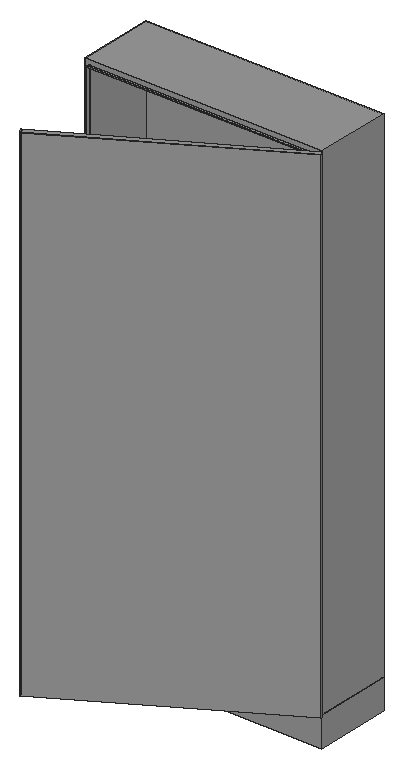
Revit family "Hager-Univers-IP55-D275-H1800-Cl.I-Steel_encl-NoHosted-CH-fr", category Electrical Equipment, Revit 2020
Family settings
  Panel Configuration = Two Columns, Circuits Across
  Round Connector Dimension = Use Diameter
  Part Type = Panelboard
  Work Plane-Based = Yes
  Always vertical = Yes
  Cut with Voids When Loaded = No
  Shared = No
  Room Calculation Point = No
Parameters (values of type "installation au sol IP55 L800 H1800 P275  - FR13E1")
  Width Control [instance] = if([EF000008 - largeur] > Min Width, [EF000008 - largeur], Min Width)  # 800 mm
  Type Comments = [HG000003 - Gamme]  # "Univers"
  Thickness Door [instance] = if([EF009171 - épaisseur de matériau de la porte/du couvercle] > 3 mm, 3 mm, [EF009171 - épaisseur de matériau de la porte/du couvercle])  # 1.5 mm
  Seal Frame Offset [instance] = 17 mm  # constant formula
  Plinth Visibility [instance] = [HG000027 - Hauteur du socle] > 0 mm  # yes
  Min Width [instance] = 100 mm  # constant formula
  Min Depth [instance] = (2 * [EF009170 - épaisseur de matériau du boîtier]) + 1 mm  # 4 mm
  Min Height [instance] = 100 mm  # constant formula
  Internal Frame Depth [instance] = (Door System Depth * 0.5)  # 9 mm
  Panel Name [instance] = ""  # (empty or 0)
  Model = ""
  HG000027 - Hauteur du socle = 100 mm
  HG000026 - Installation au sol = yes
  HG000024 - Hauteur de la section basse = 600 mm
  HG000023 - Armoire double section = no
  HG000016 - Visibilité de la porte 3D [instance] = yes
  HG000015 - Visibilité de l'emprise de la porte [instance] = no
  HG000014 - Porte à droite [instance] = yes
  HG000013 - Porte à gauche [instance] = not([HG000014 - Porte à droite])  # no
  HG000012 - Angle de pivotement de la porte [instance] = 30.00°
  HG000010 - Portes asymétriques = no
  HG000009 - Porte à double battant = no
  HG000006 - Encastré = no
  HG000004 - Référence fabricant = "FR13E1"
  HG000003 - Gamme = "Univers"
  HG000002 - avec porte = yes
  Frame Offset Bottom [instance] = 10 mm  # constant formula
  Frame Offset [instance] = 15 mm  # constant formula
  EF015940 - couvercle avec décharge de pression = no
  EF011959 - degré de protection (NEMA) = ""
  EF009554 - nombre d'ouvertures pour plaques à bride = 6
  EF009212 - finition du couvercle = "EV000116 - fermé"
  EF009171 - épaisseur de matériau de la porte/du couvercle = 1.5 mm
  EF009170 - épaisseur de matériau du boîtier = 1.5 mm
  EF008873 - courant nominal (In) = 800 A
  EF007800 - adapté à un parafoudre = no
  EF006306 - avec serrure = no
  EF006244 - couvercle/porte transparent(e) = no
  EF005474 - indice de protection (IP) = "EV006420 - IP55"
  EF004464 - type de porte = "EV002646 - unique"
  EF004427 - nombre de modules = 396
  EF004293 - indice de protection contre les chocs (IK) = "EV008784 - IK10"
  EF003532 - convient pour utilisation à l’extérieur = no
  EF002950 - largeur en nombre de modules = 24
  EF001613 - maintien de fonction = "EV000494 - sans"
  EF001596 - matériau du boîtier/corps = "EV000179 - acier"
  EF001131 - profondeur intérieure = 275 mm
  EF001088 - possibilité de montage en saillie = yes
  EF000437 - nombre d'entrées de conduit = 6
  EF000339 - type de capot = "EV004216 - porte"
  EF000266 - nombre de rangées = 11
  EF000218 - profondeur d'encastrement = 0 mm
  EF000118 - avec cadre/support de montage = no
  EF000116 - numéro RAL = "7035"
  EF000049 - profondeur = 275 mm
  EF000040 - hauteur = 1800 mm
  EF000008 - largeur = 800 mm
  EF000007 - couleur = "EV000270 - gris"
  EF000003 - mode de pose = "EV012274 - installation au sol"
  Door System Leaf Tolerance [instance] = 1.5 mm  # constant formula
  Door System Depth [instance] = 18 mm  # constant formula
  Door Height [instance] = Height Control - [HG000027 - Hauteur du socle]  # 1700 mm
  Description = ""
  Default Elevation = 1219.2 mm
  Connector Offset [instance] = Height Control / 2  # 900 mm
  Manufacturer = "Hager"  # constant formula
  Height Control [instance] = if([EF000040 - hauteur] > Min Height, [EF000040 - hauteur], Min Height)  # 1800 mm
  Depth Control [instance] = if([EF000049 - profondeur] > Min Depth, [EF000049 - profondeur], Min Depth)  # 275 mm
  Bottom Top Plate Trim [instance] = 1.5 mm  # constant formula
  Plinth height Ctrl [instance] = if([HG000027 - Hauteur du socle] > 0 mm, [HG000027 - Hauteur du socle], 12 mm)  # 100 mm
Types (5, lengths in mm): name | Width Control | HG000010 - Portes asymétriques | HG000009 - Porte à double battant | HG000004 - Référence fabricant | EF009554 - nombre d'ouvertures pour plaques à bride | EF004464 - type de porte | EF004427 - nombre de modules | EF000437 - nombre d'entrées de conduit | EF000008 - largeur
  installation au sol IP55 L1050 H1800 P275  - FR14E1 | 1050 | yes | yes | "FR14E1" | 8 | "EV003602 - double" | 528 | 8 | 1050
  installation au sol IP55 L1300 H1800 P275  - FR15E1 | 1300 | yes | yes | "FR15E1" | 10 | "EV003602 - double" | 660 | 10 | 1300
  installation au sol IP55 L300 H1800 P275  - FR11E1 | 300 | no | no | "FR11E1" | 2 | "EV002646 - unique" | 132 | 2 | 300
  installation au sol IP55 L550 H1800 P275  - FR12E1 | 550 | no | no | "FR12E1" | 4 | "EV002646 - unique" | 264 | 4 | 550
  installation au sol IP55 L800 H1800 P275  - FR13E1 | 800 | no | no | "FR13E1" | 6 | "EV002646 - unique" | 396 | 6 | 800
Reference planes
  plane 1 "Center (Front/Back)": y = 0
  plane 2: z = 0
  plane 3 "Center (Left/Right)": x = 0
  plane 4: y = 0
  plane 5: y = 0
  plane 6: z = 0
  plane 7: x = -400
  plane 8: x = 400
  plane 9: x = 398.5
  plane 10: x = -398.5
  plane 11: z = 100
  plane 12: z = 101.5
  plane 13: y = -275
  plane 14: y = -1.5
  plane 15: x = 0
  plane 16: y = -257
  plane 17: y = -273.5
  plane 18: y = -255.5
  plane 19: x = -383.5
  plane 20: x = 383.5
  plane 21: z = 111.5
  plane 22: x = -383
  plane 23: x = 383
  plane 24: z = 100
  plane 25: z = 1800
  plane 26: z = 1800
  plane 27: z = 1783.5
  plane 28: z = 1798.5
Forms (mm)
  Extrusion 1, solid, material "Hager_Steel_RAL7035_Light_Grey", detail levels medium+fine
    sketch origin (-208.679, -4572, 100) x (-1, 0, 0) y (0, -1, 0)
      loop
        line (191.321, -4315) -> (-608.679, -4315) -> (-608.679, -4572) -> (191.321, -4572) -> (191.321, -4315)
    from 0 to 1700
  Extrusion 2, void
    sketch origin (-350.771, -275, 1219.2) x (1, 0, 0) y (0, 0, 1)
      loop
        line (-47.729, 579.3) -> (-47.729, -1117.7) -> (749.271, -1117.7) -> (749.271, 579.3) -> (-47.729, 579.3)
    from -19.5 to -273.5
  Extrusion 3, void
    sketch origin (-290.084, -257, 1219.2) x (1, 0, 0) y (0, 0, 1)
      loop
        line (-93.416, -1107.7) -> (673.584, -1107.7) -> (673.584, 564.3) -> (-93.416, 564.3) -> (-93.416, -1107.7)
    from 0 to -1.5
  Extrusion 4, solid, material "Hager_Steel_RAL7035_Light_Grey", visible <- "Plinth Visibility", detail levels medium+fine
    sketch origin (0, 0, 0) x (1, 0, 0) y (0, 1, 0)
      loop
        line (-400, 0) -> (-400, -257) -> (400, -257) -> (400, 0) -> (-400, 0)
    from 0 to 100 <- "Plinth height Ctrl"
  Extrusion 5, solid, material "Hager_Steel_RAL7035_Light_Grey", detail levels coarse
    sketch origin (0, 0, 0) x (1, 0, 0) y (0, 1, 0)
      loop
        line (-400, 0) -> (-400, -275) -> (400, -275) -> (400, 0) -> (-400, 0)
    from 0 to 1800 <- "Height Control"
  Sweep 6, void
    path in 3D
      loop
        line (-400, -257, 100) -> (400, -257, 100) -> (400, 0, 100) -> (-400, 0, 100) -> (-400, -257, 100)
    profile origin (-400, -128.5, 100) x (1, 0, 0) y (0, 0, 1)
      loop
        line (0, 0) -> (0, -1.5) -> (1.5, -1.5)
        arc (1.5, -1.5) -> (1.061, -0.439) -> (0, 0) r 1.5
  Extrusion 7, solid, material "Hager_Steel_RAL7035_Light_Grey", detail levels fine
    sketch origin (-400, -257, 100) x (1, 0, 0) y (0, 0, 1)
      loop
        line (16.5, 11.5) -> (783.5, 11.5) -> (783.5, 1683.5) -> (16.5, 1683.5) -> (16.5, 11.5)
      loop
        line (15, 10) -> (785, 10) -> (785, 1685) -> (15, 1685) -> (15, 10)
    from 0 to 9 <- "Internal Frame Depth"
Cuts and joins
  Extrusion 2, Extrusion 3 cuts Extrusion 1
  Sweep 6 cuts Extrusion 4
Lines and regions (mm)
  Masking region 1
    outline origin (0, 0, 0) x (1, 0, 0) y (0, 1, 0)
      loop
        line (-400, 0) -> (-400, -275) -> (400, -275) -> (400, 0) -> (-400, 0)
  Masking region 2, detail levels coarse
    outline origin (-290.084, -257, 1219.2) x (-1, 0, 0) y (0, 0, 1)
      loop
        line (-690.084, -1219.2) -> (109.916, -1219.2) -> (109.916, 580.8) -> (-690.084, 580.8) -> (-690.084, -1219.2)
  Masking region 3, detail levels coarse
    outline origin (0, 0, 0) x (0, 1, 0) y (0, 0, 1)
      loop
        line (0, 0) -> (0, 1800) -> (-275, 1800) -> (-275, 0) -> (0, 0)
  Masking region 4, visible <- "Plinth Visibility", detail levels medium+fine
    outline origin (0, 0, 0) x (0, 1, 0) y (0, 0, 1)
      loop
        line (-1.5, 100) -> (-255.5, 100)
        arc (-255.5, 100) -> (-255.939, 98.939) -> (-257, 98.5) r 1.5
        line (-257, 98.5) -> (-257, 0) -> (0, 0) -> (0, 98.5)
        arc (0, 98.5) -> (-1.061, 98.939) -> (-1.5, 100) r 1.5
  Masking region 5, detail levels medium+fine
    outline origin (0, 0, 594.038) x (0, 1, 0) y (0, 0, 1)
      loop
        line (0, -494.038) -> (0, 1205.962) -> (-257, 1205.962) -> (-257, -494.038) -> (0, -494.038)
  Masking region 6, detail levels medium+fine
    outline origin (-359.7, -257, 1211.883) x (-1, 0, 0) y (0, 0, 1)
      loop
        line (-759.7, -1111.883) -> (40.3, -1111.883) -> (40.3, 588.117) -> (-759.7, 588.117) -> (-759.7, -1111.883)
  Masking region 7, visible <- "Plinth Visibility", detail levels medium+fine
    outline origin (-320.334, -257, 1041.368) x (-1, 0, 0) y (0, 0, 1)
      loop
        line (-720.334, -1041.368) -> (79.666, -1041.368) -> (79.666, -942.868)
        arc (79.666, -942.868) -> (78.606, -942.429) -> (78.166, -941.368) r 1.5
        line (78.166, -941.368) -> (-718.834, -941.368)
        arc (-718.834, -941.368) -> (-719.273, -942.429) -> (-720.334, -942.868) r 1.5
        line (-720.334, -942.868) -> (-720.334, -1041.368)
  sketch lines
    curve 1: line (-400, 0, 100) -> (-400, -257, 100)
    curve 2: line (-400, -257, 100) -> (400, -257, 100)
    curve 3: line (400, 0, 100) -> (-400, 0, 100)
    curve 4: line (400, -257, 100) -> (400, 0, 100)
Dimensions and locks
  locked: plane 1 "Center (Front/Back)" to plane 5
  "EF009170 - épaisseur de matériau du boîtier": plane 7 to plane 10
  "EF009170 - épaisseur de matériau du boîtier": plane 8 to plane 9
  equal spacing: plane 7, plane 3 "Center (Left/Right)", plane 8
  "Width Control": plane 7 to plane 8
  "Depth Control": plane 4 to plane 13
  "EF009170 - épaisseur de matériau du boîtier": plane 4 to plane 14
  "Height Control": plane 25 to level
  "HG000027 - Hauteur du socle": plane 11 to level
  "EF009170 - épaisseur de matériau du boîtier": plane 12 to plane 11
  "EF009170 - épaisseur de matériau du boîtier": plane 17 to plane 13
  "EF009170 - épaisseur de matériau du boîtier": plane 18 to plane 16
  "Frame Offset Bottom": plane 21 to plane 12
  "Frame Offset": plane 10 to plane 19
  "Frame Offset": plane 9 to plane 20
  "Door System Depth": plane 16 to plane 13
  "Seal Frame Offset": plane 7 to plane 22
  "Seal Frame Offset": plane 8 to plane 23
  "EF009170 - épaisseur de matériau du boîtier": plane 26 to plane 28
  "Frame Offset": plane 28 to plane 27
  "Connector Offset": plane 2 to connector elem
  "Bottom Top Plate Trim": profile plane to Sweep 6 sketch curve
  "Bottom Top Plate Trim": Sweep 6 sketch curve to Sweep 6 sketch curve
  "Plinth height Ctrl": Masking region 4 sketch curve to level
  "Plinth height Ctrl": Masking region 7 sketch curve to level
  "Thickness Door": Extrusion 7 sketch curve to Extrusion 7 sketch curve  (x4)
  "Bottom Top Plate Trim": radius of Sweep 6 sketch curve
  "Bottom Top Plate Trim": radius of Masking region 4 sketch curve  (x2)
  "Bottom Top Plate Trim": radius of Masking region 7 sketch curve  (x2)
  aligned and locked: Extrusion 2 sketch curve to plane 12
  aligned and locked: Extrusion 2 sketch curve to plane 9
  aligned and locked: Extrusion 2 sketch curve to plane 10
  aligned and locked: Extrusion 2 to plane 14
  aligned and locked: Extrusion 1 sketch curve to plane 4
  aligned and locked: plane 8 to Extrusion 1 sketch curve
  aligned and locked: plane 7 to Extrusion 1 sketch curve
  aligned and locked: Extrusion 2 to plane 18
  aligned and locked: Extrusion 3 sketch curve to plane 19
  aligned and locked: plane 20 to Extrusion 3 sketch curve
  aligned and locked: Extrusion 3 to Extrusion 2
  aligned and locked: Extrusion 3 sketch curve to plane 21
  aligned and locked: plane 3 "Center (Left/Right)" to nested 1
  aligned and locked: Extrusion 1 sketch curve to plane 16
  aligned and locked: Extrusion 4 sketch curve to cut or joined group of Extrusion 1, Extrusion 2, Extrusion 3
  aligned and locked: Masking region 1 sketch curve to plane 7
  aligned and locked: Masking region 1 sketch curve to plane 5
  aligned and locked: Masking region 1 sketch curve to plane 8
  aligned and locked: Masking region 2 sketch curve to level
  aligned and locked: level to Masking region 3 sketch curve
  aligned and locked: plane 1 "Center (Front/Back)" to Masking region 3 sketch curve
  aligned and locked: plane 13 to Masking region 3 sketch curve
  aligned and locked: plane 5 to Masking region 4 sketch curve
  aligned and locked: Masking region 2 sketch curve to plane 8
  aligned and locked: Masking region 2 sketch curve to plane 7
  aligned and locked: plane 7 to nested 2
  aligned and locked: nested 2 to plane 5
  aligned and locked: plane 5 to Masking region 5 sketch curve
  aligned and locked: plane 26 to Masking region 5 sketch curve
  aligned and locked: Extrusion 5 sketch curve to plane 8
  aligned and locked: Extrusion 5 sketch curve to plane 7
  aligned and locked: Extrusion 5 sketch curve to plane 5
  aligned and locked: Extrusion 3 sketch curve to plane 27
  aligned and locked: Extrusion 2 sketch curve to plane 28
  aligned and locked: Masking region 2 to plane 25
  aligned and locked: Extrusion 4 to plane 16
  aligned and locked: profile plane to Sweep 6 sketch curve
  aligned and locked: Masking region 5 sketch curve to plane 24
  aligned and locked: level to Masking region 4 sketch curve
  aligned and locked: Masking region 1 to plane 13
  aligned and locked: nested 1 to plane 16
  aligned and locked: Masking region 3 to plane 25
  aligned and locked: plane 16 to Masking region 4 sketch curve
  aligned and locked: Masking region 5 sketch curve to plane 16
  aligned and locked: plane 24 to plane 11
  aligned and locked: plane 26 to plane 25
  aligned and locked: plane 26 to cut or joined group of Extrusion 1, Extrusion 2, Extrusion 3
  aligned and locked: nested 1 to plane 24
  aligned and locked: Extrusion 1 to Extrusion 3
  aligned and locked: Masking region 6 sketch curve to plane 8
  aligned and locked: Masking region 6 sketch curve to plane 24
  aligned and locked: Masking region 6 sketch curve to plane 7
  aligned and locked: Masking region 6 sketch curve to plane 26
  aligned and locked: Masking region 7 sketch curve to plane 7
  aligned and locked: level to Masking region 7 sketch curve
  aligned and locked: Masking region 7 sketch curve to plane 8
  aligned and locked: Extrusion 7 sketch curve to cut or joined group of Extrusion 1, Extrusion 2, Extrusion 3  (x4)
Automatic sketch dimensions
  plane 19 to Extrusion 3 sketch curve = 0 mm
  Extrusion 3 sketch curve to plane 20 = 0 mm
  Extrusion 3 sketch curve to plane 21 = 0 mm
  Extrusion 4 sketch curve to plane 7 = 0 mm
  Extrusion 4 sketch curve to plane 8 = 0 mm
  Extrusion 4 sketch curve to plane 16 = 0 mm
  Masking region 1 sketch curve to plane 13 = 0 mm
  Masking region 2 sketch curve to plane 25 = 0 mm
  Masking region 3 sketch curve to plane 25 = 0 mm
  Extrusion 5 sketch curve to plane 13 = 0 mm
  profile plane to Sweep 6 sketch curve = 0 mm
Nested families
  nested 1: "EC000058_Univers_Door" at (0, -257, 100), Double <- "HG000009 - Porte à double battant", Transparent <- "EF006244 - couvercle/porte transparent(e)", Angle <- "HG000012 - Angle de pivotement de la porte", Door_Right <- "HG000014 - Porte à droite", Assymetrical <- "HG000010 - Portes asymétriques", Door <- "HG000002 - avec porte", Width_Ctrl <- "Width Control", 3d_Door <- "HG000016 - Visibilité de la porte 3D", Clearance <- "HG000015 - Visibilité de l'emprise de la porte", Door_Left <- "HG000013 - Porte à gauche", Width <- "Width Control", Door_Depth <- "Door System Depth", Leaf_Tolerance <- "Door System Leaf Tolerance", Height <- "Door Height", Lock_Visibility <- "EF006306 - avec serrure", Thickness <- "Thickness Door", type "EC000058_Univers_Door", detail levels medium+fine
    with min_wh 4 mm, Width_Ctrl 800 mm, Width 800 mm, Transparent no, Thickness 1.5 mm, Seal_Material Hager_Rubber, Lock_Visibility no, Lock_Material Hager_Plastic_RAL9005_Jet_Black, Leaf_Width 800 mm, Leaf_Tolerance_External_Sides 0 mm, Leaf_Tolerance 1.5 mm, Leaf_Offset 0 mm, Leaf_Height 1697 mm, Leaf_2_Width 800 mm, Leaf_2_Offset 400 mm, Leaf_1_Width 800 mm, Leaf_1_Offset 400 mm, Height_Ctrl 1700 mm, Height 1700 mm, Glass_Material Hager_Glass, Double_Clearance_Ctrl no, Double no, Door_Right_Ctrl yes, Door_Right yes, Door_Material Hager_Steel_RAL7035_Light_Grey, Door_Left_Ctrl no, Door_Left no, Door_Depth 18 mm, Door yes, Clearance_Material Hager_Clearance, Clearance_Depth 800 mm, Clearance_Ctrl no, Clearance no, Assymetrical no, Angle 30.00°, 3d_Door yes
  nested 2: "Hager_Enclosure_Symbol" at (-400, 0, 0), Height <- "Depth Control", Width <- "Width Control", type "Hager_Enclosure_Symbol"
    with Width_Ctrl 800 mm, Width 800 mm, Height_Ctrl 275 mm, Height 275 mm, A_Width_Int 18.047 mm, A_Width 216.562 mm, A_Height_Ctrl 240.625 mm, A_Height 240.625 mm
Connectors
  electrical at (0, 0, 900)
    settings: on plane 1 "Center (Front/Back)", index 1, voltage 0 V, apparent load 0 VA, apparent load phase1 0 VA, apparent load phase2 0 VA, apparent load phase3 0 VA, power factor 1, load classification "Other", number of poles 1, system type 30, power factor state 1, is connector primary yes, connector utility no, sub classification motor no, connector description ""
Definition of nested family "EC000058_Univers_Door"
  Parameters (values of type "EC000058_Univers_Door")
    min_wh [instance] = (2 * Thickness) + 1 mm  # 11 mm
    Width_Ctrl [instance] = 400 mm
    Width [instance] = 500 mm
    Transparent [instance] = yes
    Thickness [instance] = 5 mm
    Seal_Material [instance] = none
    Lock_Visibility [instance] = yes
    Lock_Material [instance] = none
    Leaf_Width [instance] = if((Width_Ctrl - 2 * Leaf_Tolerance_External_Sides) > 0 mm, (Width_Ctrl - 2 * Leaf_Tolerance_External_Sides), min_wh)  # 400 mm
    Leaf_Tolerance_External_Sides [instance] = 0 mm  # constant formula
    Leaf_Tolerance [instance] = 1.5 mm
    Leaf_Offset [instance] = 0 mm  # constant formula
    Leaf_Height [instance] = if((Height_Ctrl - 2 * Leaf_Tolerance) > 0 mm, (Height_Ctrl - 2 * Leaf_Tolerance), min_wh)  # 497 mm
    Leaf_2_Width [instance] = if(and(and(Double, Assymetrical), Door_Left), (Leaf_Width / 3) - (Leaf_Tolerance / 2), if(and(and(Double, Assymetrical), Door_Right), (Leaf_Width / 3) * 2 - (Leaf_Tolerance / 2), if(and(Double, not(Assymetrical)), (Leaf_Width / 2) - Leaf_Tolerance, Leaf_Width)))  # 400 mm
    Leaf_2_Offset [instance] = if(and(Double, Assymetrical), Leaf_2_Width / 2, if(and(Double, not(Assymetrical)), Leaf_Width / 4, Leaf_Width / 2))  # 200 mm
    Leaf_1_Width [instance] = if(and(and(Double, Assymetrical), Door_Right), (Leaf_Width / 3) - (Leaf_Tolerance / 2), if(and(and(Double, Assymetrical), Door_Left), (Width / 3) * 2 - (Leaf_Tolerance / 2), if(and(Double, not(Assymetrical)), (Leaf_Width / 2) - Leaf_Tolerance, Leaf_Width)))  # 400 mm
    Leaf_1_Offset [instance] = if(and(Double, Assymetrical), Leaf_1_Width / 2, if(and(Double, not(Assymetrical)), Leaf_Width / 4, Leaf_Width / 2))  # 200 mm
    Height_Ctrl [instance] = if(Height > min_wh, Height, min_wh)  # 500 mm
    Height [instance] = 500 mm
    Glass_Material [instance] = none
    Double_Clearance_Ctrl [instance] = and(Double, Clearance)  # no
    Double [instance] = no
    Door_Right_Ctrl [instance] = and(or(Door_Right, Double), Door)  # yes
    Door_Right [instance] = yes
    Door_Material [instance] = none
    Door_Left_Ctrl [instance] = and(or(Door_Left, Double), Door)  # no
    Door_Left [instance] = no
    Door_Depth [instance] = 30 mm
    Door [instance] = yes
    Default Elevation = 1219.2 mm
    Clearance_Material [instance] = none
    Clearance_Depth [instance] = if(Leaf_1_Width > Leaf_2_Width, Leaf_1_Width, Leaf_2_Width)  # 400 mm
    Clearance_Ctrl [instance] = and(not(Double), Clearance)  # yes
    Clearance [instance] = yes
    Assymetrical [instance] = yes
    Angle [instance] = 30.00°
    3d_Door [instance] = yes
  Reference planes
    plane 1 "Center (Front/Back)": y = 0
    plane 2 "Bottom": z = 0
    plane 3 "Center (Left/Right)": x = 0
    plane 4: z = 500
    plane 5: x = -200
    plane 6: x = 200
    plane 7: z = 500
    plane 8: x = -200
    plane 9: z = 0
    plane 10: x = 200
    plane 11: y = 0
    plane 12: z = 1.5
    plane 13: x = -600
    plane 14: y = -400
    plane 15: x = 600
    plane 16: x = 0
    plane 17: x = 0
    plane 18: x = -200
    plane 19: x = 200
    plane 20: z = 498.5
  Forms (mm)
    Extrusion 1, solid, material <- "Clearance_Material", visible <- "Double_Clearance_Ctrl"
      sketch origin (1200, 0, 0) x (1, 0, 0) y (0, 0, -1)
        loop
          line (-1800, -498.5) -> (-600, -498.5) -> (-600, 0) -> (-1800, 0) -> (-1800, -498.5)
      from 0 to -400
  Dimensions and locks
    equal spacing: plane 5, plane 3 "Center (Left/Right)", plane 6
    "Width_Ctrl": plane 5 to plane 6
    "Leaf_Offset": plane 5 to plane 8
    "Leaf_Offset": plane 6 to plane 10
    "Leaf_Offset": plane 9 to level
    "Leaf_Offset": plane 4 to plane 7
    "Height_Ctrl": plane 4 to level
    "Leaf_Tolerance": plane 12 to plane 9
    locked: plane 11 to plane 1 "Center (Front/Back)"
    "Leaf_1_Offset": plane 18 to plane 16
    "Leaf_2_Offset": plane 17 to plane 19
    "Leaf_1_Width": plane 13 to plane 8
    "Leaf_2_Width": plane 10 to plane 15
    "Clearance_Depth": plane 14 to plane 1 "Center (Front/Back)"
    "Leaf_Tolerance_External_Sides": plane 8 to plane 18
    "Leaf_Tolerance_External_Sides": plane 19 to plane 10
    "Leaf_Tolerance": plane 7 to plane 20
    aligned and locked: level to plane 2 "Bottom"
    aligned and locked: nested 1 to plane 16
    aligned and locked: nested 2 to plane 17
    aligned and locked: Extrusion 1 to plane 13
    aligned and locked: plane 15 to Extrusion 1
    aligned and locked: Extrusion 1 to plane 14
    aligned and locked: plane 12 to nested 1
    aligned and locked: nested 2 to plane 12
    aligned and locked: Extrusion 1 to plane 11
    aligned and locked: plane 20 to Extrusion 1
    aligned and locked: nested 2 to plane 11
    aligned and locked: nested 1 to plane 11
  Automatic sketch dimensions
    Extrusion 1 sketch curve to level = 0 mm
    plane 5 to Extrusion 1 sketch curve = 400 mm
    plane 6 to Extrusion 1 sketch curve = 400 mm
    Extrusion 1 sketch curve to plane 4 = 1.5 mm
  Nested families
    nested 1: "EC000058_Univers_Door_Leaf" at (0, 0, 1.5), Width <- "Leaf_1_Width", visible <- "Door_Left_Ctrl", Leaf_Height <- "Leaf_Height", Angle <- "Angle", 3d_Door <- "3d_Door", Transparent <- "Transparent", Clearance Material <- "Clearance_Material", Clearance <- "Clearance_Ctrl", Door_Material <- "Door_Material", Glass_Material <- "Glass_Material", Door_Depth <- "Door_Depth", Lock_Material <- "Lock_Material", Seal_Material <- "Seal_Material", Lock_Visibility <- "Lock_Visibility", Thickness <- "Thickness", type "EC000058_Univers_Door_Leaf"
      with Width 400 mm, Transparent_Glass_Offset 30 mm, Transparent_Ctrl yes, Transparent yes, Thickness 5 mm, Standard no, Seal_Material none, Seal_D2 8 mm, Seal_D1 1 mm, Offset_Internal_Frame 10 mm, Lock_Width 20 mm, Lock_Visibility_3d yes, Lock_Visibility yes, Lock_Thickness_3 3 mm, Lock_Thickness_2 1 mm, Lock_Thickness_1 3 mm, Lock_Radius_Offset_2 16 mm, Lock_Radius_Offset_1 15 mm, Lock_Radius_2 5 mm, Lock_Radius 6 mm, Lock_Offset 5 mm, Lock_Material none, Lock_Height 80 mm, Lock_Cover_Top_Offset_2d 17 mm, Lock_Cover_Height -65 mm, Leaf_Height 497 mm, Internal_Seal_Thickness 8 mm, Internal_Seal_Depth_2 4.5 mm, Internal_Frame_Depth 25 mm, Glass_Thickness -1 mm, Glass_Offset -2 mm, Glass_Material none, Door_Material none, Door_Depth 30 mm, Clearance Material none, Clearance yes, Angle_Ctrl 30.00°, Angle 30.00°, 3d_Door yes
    nested 2: "EC000058_Univers_Door_Leaf" at (0, 0, 1.5) x (-1, 0, 0) z (0, 0, 1), Width <- "Leaf_2_Width", visible <- "Door_Right_Ctrl", Leaf_Height <- "Leaf_Height", Angle <- "Angle", 3d_Door <- "3d_Door", Transparent <- "Transparent", Clearance Material <- "Clearance_Material", Clearance <- "Clearance_Ctrl", Door_Material <- "Door_Material", Glass_Material <- "Glass_Material", Door_Depth <- "Door_Depth", Lock_Material <- "Lock_Material", Seal_Material <- "Seal_Material", Lock_Visibility <- "Lock_Visibility", Thickness <- "Thickness", type "EC000058_Univers_Door_Leaf"
      with Width 400 mm, Transparent_Glass_Offset 30 mm, Transparent_Ctrl yes, Transparent yes, Thickness 5 mm, Standard no, Seal_Material none, Seal_D2 8 mm, Seal_D1 1 mm, Offset_Internal_Frame 10 mm, Lock_Width 20 mm, Lock_Visibility_3d yes, Lock_Visibility yes, Lock_Thickness_3 3 mm, Lock_Thickness_2 1 mm, Lock_Thickness_1 3 mm, Lock_Radius_Offset_2 16 mm, Lock_Radius_Offset_1 15 mm, Lock_Radius_2 5 mm, Lock_Radius 6 mm, Lock_Offset 5 mm, Lock_Material none, Lock_Height 80 mm, Lock_Cover_Top_Offset_2d 17 mm, Lock_Cover_Height -65 mm, Leaf_Height 497 mm, Internal_Seal_Thickness 8 mm, Internal_Seal_Depth_2 4.5 mm, Internal_Frame_Depth 25 mm, Glass_Thickness -1 mm, Glass_Offset -2 mm, Glass_Material none, Door_Material none, Door_Depth 30 mm, Clearance Material none, Clearance yes, Angle_Ctrl 30.00°, Angle 30.00°, 3d_Door yes
  Definition of nested family "EC000058_Univers_Door_Leaf"
    Parameters (values of type "EC000058_Univers_Door_Leaf")
      Width [instance] = 2000 mm
      Transparent_Glass_Offset [instance] = 30 mm
      Transparent_Ctrl [instance] = and(Transparent, [3d_Door])  # yes
      Transparent [instance] = yes
      Thickness [instance] = 5 mm
      Standard [instance] = and(not(Transparent), [3d_Door])  # no
      Seal_Material [instance] = none
      Seal_D2 [instance] = 8 mm  # constant formula
      Seal_D1 [instance] = 1 mm  # constant formula
      Offset_Internal_Frame [instance] = 10 mm  # constant formula
      Lock_Width [instance] = 20 mm  # constant formula
      Lock_Visibility_3d [instance] = and(Lock_Visibility, [3d_Door])  # yes
      Lock_Visibility [instance] = yes
      Lock_Thickness_3 [instance] = 3 mm  # constant formula
      Lock_Thickness_2 [instance] = 1 mm  # constant formula
      Lock_Thickness_1 [instance] = 3 mm  # constant formula
      Lock_Radius_Offset_2 [instance] = Lock_Radius_Offset_1 + 1 mm  # 16 mm
      Lock_Radius_Offset_1 [instance] = 15 mm  # constant formula
      Lock_Radius_2 [instance] = Lock_Radius - 1 mm  # 5 mm
      Lock_Radius [instance] = 6 mm  # constant formula
      Lock_Offset [instance] = 5 mm  # constant formula
      Lock_Material [instance] = none
      Lock_Height [instance] = 80 mm  # constant formula
      Lock_Cover_Top_Offset_2d [instance] = Lock_Radius_Offset_2 + 1 mm  # 17 mm
      Lock_Cover_Height [instance] = -(Lock_Height - Lock_Radius_Offset_1)  # -65 mm
      Leaf_Height [instance] = 2720.336 mm
      Internal_Seal_Thickness [instance] = 8 mm  # constant formula
      Internal_Seal_Depth_2 [instance] = 4.5 mm  # constant formula
      Internal_Frame_Depth [instance] = if(Door_Depth - Thickness > 5 mm, Door_Depth - Thickness, 5 mm)  # 25 mm
      Glass_Thickness [instance] = if(Thickness > 15 mm, Glass_Offset + 10 mm, -1 mm)  # -1 mm
      Glass_Offset [instance] = if(Thickness > 15 mm, -(Thickness + 10 mm) / 2, -2 mm)  # -2 mm
      Glass_Material [instance] = none
      Door_Material [instance] = none
      Door_Depth [instance] = 30 mm
      Default Elevation = 0 mm
      Clearance Material [instance] = none
      Clearance [instance] = yes
      Angle_Ctrl [instance] = if(Angle > 180.00°, 180.00°, Angle)  # 90.00°
      Angle [instance] = 90.00°
      3d_Door [instance] = yes
    Reference planes
      plane 1 "Center (Front/Back)": y = 0
      plane 2: z = 0
      plane 3 "Center (Left/Right)": x = 0
      plane 4: y = 2000
      plane 5: x = -1000
      plane 6: x = 1000
      plane 7: x = -3000
      plane 8: z = 2720.336
      plane 9: z = 30
      plane 10: z = 2690.336
      plane 11: x = 970
      plane 12: x = -970
      plane 13: y = -3
      plane 14: z = 107.833
      plane 15: y = -5
      plane 16: y = -223.314
      plane 17: x = -1000
      plane 18: z = 1360.168
      plane 19: y = 30
    Forms (mm)
      Extrusion 1, solid, material <- "Clearance Material", visible <- "Clearance"
        sketch origin (0, 0, 0) x (1, 0, 0) y (0, 0, 1)
          loop
            line (-3000, 2720.336) -> (-3000, 0) -> (1000, 0) -> (1000, 2720.336) -> (-3000, 2720.336)
        from 0 to -2000
      Extrusion 2, solid, material <- "Door_Material", visible <- "Standard", detail levels medium+fine
        sketch origin (-1000, 0, 0) x (0, 1, 0) y (-1, 0, 0)
          loop
            line (0, 30) -> (0, 25) -> (2000, 25) -> (2000, 30) -> (0, 30)
        from 0 to 2720.336 <- "Leaf_Height"
      Extrusion 3, solid, material <- "Door_Material", visible <- "Transparent_Ctrl", detail levels medium+fine
        sketch origin (-1000, 0, 0) x (0, 1, 0) y (-1, 0, 0)
          loop
            line (0, 25) -> (2000, 25) -> (2000, 30) -> (0, 30) -> (0, 25)
        from 0 to 2720.336 <- "Leaf_Height"
      Extrusion 4, void
        sketch origin (-1025, 2000, 0) x (0, 1, 0) y (0, 0, -1)
          loop
            line (-30, -2690.336) -> (-30, -30) -> (-1970, -30) -> (-1970, -2690.336) -> (-30, -2690.336)
        from 0 to 5 <- "Thickness"
      Sweep 5, solid, material <- "Seal_Material", visible <- "Transparent_Ctrl", detail levels fine
        path in 3D
          loop
            line (-1025, 30, 30) -> (-1025, 30, 2690.336) -> (-1025, 1970, 2690.336) -> (-1025, 1970, 30) -> (-1025, 30, 30)
        profile origin (-1025, 1000, 30) x (1, 0, 0) y (0, 0, 1)
          loop
            line (0, 0) -> (0, -8) -> (1, -8) -> (1, 0) -> (0, 0)
      Extrusion 6, solid, material <- "Glass_Material", visible <- "Transparent_Ctrl", detail levels medium+fine
        sketch origin (-1030, 0, 0) x (0, 1, 0) y (0, 0, -1)
          loop
            line (1970, -2690.336) -> (1970, -30) -> (30, -30) -> (30, -2690.336) -> (1970, -2690.336)
        from -2 <- "Glass_Offset" to -1 <- "Glass_Thickness"
      Extrusion 7, solid, material <- "Door_Material", visible <- "3d_Door", detail levels medium+fine
        sketch origin (-1025, 2000, 0) x (0, -1, 0) y (0, 0, -1)
          loop
            line (0, -2720.336) -> (2000, -2720.336) -> (2000, 0) -> (0, 0) -> (0, -2720.336)
          loop
            line (1995, -5) -> (5, -5) -> (5, -2715.336) -> (1995, -2715.336) -> (1995, -5)
        from 0 to 25 <- "Internal_Frame_Depth"
      Sweep 8, solid, material <- "Seal_Material", visible <- "Transparent_Ctrl", detail levels fine
        path in 3D
          loop
            line (-1025, 0, 0) -> (-1025, 2000, 0) -> (-1025, 2000, 2720.336) -> (-1025, 0, 2720.336) -> (-1025, 0, 0)
        profile origin (-1025, 0, 1360.168) x (1, 0, 0) y (0, 1, 0)
          loop
            line (0, 10) -> (2.975, 10)
            arc (2.975, 10) -> (4.053, 10.447) -> (4.5, 11.525) r 1.525
            line (4.5, 11.525) -> (4.5, 16.527)
            arc (4.5, 16.527) -> (4.069, 17.569) -> (3.027, 18) r 1.473
            line (3.027, 18) -> (0, 18) -> (0, 10)
      Extrusion 9, solid, material <- "Lock_Material", visible <- "Lock_Visibility_3d", detail levels fine
        sketch origin (-1030, 0, 0) x (0, 1, 0) y (0, 0, -1)
          loop
            arc (1993.5, -1400.168) -> (1994.561, -1399.729) -> (1995, -1398.668) r 1.5
            line (1995, -1398.668) -> (1995, -1320.168) -> (1975, -1320.168) -> (1975, -1398.668)
            arc (1975, -1398.668) -> (1975.439, -1399.729) -> (1976.5, -1400.168) r 1.5
            line (1976.5, -1400.168) -> (1993.5, -1400.168)
        from 3 <- "Lock_Thickness_1" to 0
      Blend 10, solid, material <- "Lock_Material", visible <- "Lock_Visibility_3d", detail levels fine
        base sketch origin (-1033, 0, 0) x (0, 1, 0) y (0, 0, -1)
          loop
            line (1975, -1320.168) -> (1975, -1398.668)
            arc (1975, -1398.668) -> (1975.439, -1399.729) -> (1976.5, -1400.168) r 1.5
            line (1976.5, -1400.168) -> (1993.5, -1400.168)
            arc (1993.5, -1400.168) -> (1994.561, -1399.729) -> (1995, -1398.668) r 1.5
            line (1995, -1398.668) -> (1995, -1320.168) -> (1975, -1320.168)
        top sketch origin (-1033, 0, 0) x (0, 1, 0) y (0, 0, -1)
          loop
            line (1976, -1320.168) -> (1976, -1398.668)
            arc (1976, -1398.668) -> (1976.146, -1399.022) -> (1976.5, -1399.168) r 0.5
            line (1976.5, -1399.168) -> (1993.5, -1399.168)
            arc (1993.5, -1399.168) -> (1993.854, -1399.022) -> (1994, -1398.668) r 0.5
            line (1994, -1398.668) -> (1994, -1320.168) -> (1976, -1320.168)
        from 0 to 1 <- "Lock_Thickness_2"
      Blend 11, solid, material <- "Lock_Material", visible <- "Lock_Visibility_3d", detail levels fine
        base sketch origin (-1034, 0, 0) x (0, 1, 0) y (0, 0, -1)
          loop
            line (1978, -1320.168) -> (1978, -1384.168)
            arc (1978, -1384.168) -> (1985, -1391.168) -> (1992, -1384.168) r 7
            line (1992, -1384.168) -> (1992, -1320.168) -> (1978, -1320.168)
        top sketch origin (-1034, 0, 0) x (0, 1, 0) y (0, 0, -1)
          loop
            line (1991, -1320.168) -> (1979, -1320.168) -> (1979, -1383.168)
            arc (1979, -1383.168) -> (1985, -1389.168) -> (1991, -1383.168) r 6
            line (1991, -1383.168) -> (1991, -1320.168)
        from 0 to 3 <- "Lock_Thickness_3"
      Extrusion 12, solid, material <- "Lock_Material", visible <- "Lock_Visibility_3d", detail levels fine
        sketch origin (-1030, 1975, 1320.168) x (1, 0, 0) y (0, -1, 0)
          loop
            line (-7, -19) -> (-7, -1) -> (0, -1) -> (0, 0) -> (-8, 0) -> (-8, -20) -> (0, -20) -> (0, -19) -> (-7, -19)
        from 0 to -65 <- "Lock_Cover_Height"
      Extrusion 13, void
        sketch origin (-1038, 1995, 1320.168) x (-1, 0, 0) y (0, 0, -1)
          loop
            line (-5, -65) -> (0, -65) -> (-5, -60) -> (-5, -65)
        from 0 to 20 <- "Lock_Width"
      Extrusion 14, void
        sketch origin (-1038, 1975, 1320.168) x (0, -1, 0) y (0, 0, -1)
          loop
            circle (-10, -15.995) r 6
          loop
            circle (-10, -15.995) r 5
        from 0 to 2
      Extrusion 15, solid, material <- "Lock_Material", visible <- "Lock_Visibility_3d", detail levels medium
        sketch origin (-1030, 0, 0) x (0, 1, 0) y (0, 0, -1)
          loop
            arc (1993.5, -1400.168) -> (1994.561, -1399.729) -> (1995, -1398.668) r 1.5
            line (1995, -1398.668) -> (1995, -1320.168) -> (1975, -1320.168) -> (1975, -1398.668)
            arc (1975, -1398.668) -> (1975.439, -1399.729) -> (1976.5, -1400.168) r 1.5
            line (1976.5, -1400.168) -> (1993.5, -1400.168)
        from 8 to 0
    Cuts and joins
      Extrusion 4 cuts Extrusion 3
      Extrusion 13, Extrusion 14 cuts Extrusion 9
      Extrusion 14 cuts Blend 11
      Extrusion 13, Extrusion 14 cuts Extrusion 12
      joined: Extrusion 9, Blend 10, Blend 11, Extrusion 12
      Extrusion 14 cuts Extrusion 15
    Lines and regions (mm)
      Masking region 1, visible <- "Lock_Visibility", detail levels fine
        outline origin (0, 0, 0) x (0, 1, 0) y (0, 0, 1)
          loop
            line (30, 1320.168) -> (33, 1320.168) -> (33, 1400.168) -> (30, 1400.168) -> (30, 1320.168)
      Masking region 2, visible <- "Lock_Visibility", detail levels fine
        outline origin (0, 3.143, 0) x (0, 1, 0) y (0, 0, 1)
          loop
            line (29.857, 1354.168) -> (30.857, 1354.168) -> (30.857, 1366.168) -> (29.857, 1366.168) -> (29.857, 1354.168)
      Masking region 3, detail levels medium+fine
        outline origin (0, 0, 0) x (0, 1, 0) y (0, 0, 1)
          loop
            line (0, 0) -> (30, 0) -> (30, 2720.336) -> (0, 2720.336) -> (0, 0)
      Masking region 4, detail levels medium+fine
        outline origin (0, 0, 0) x (1, 0, 0) y (0, 0, 1)
          loop
            line (-1000, 2720.336) -> (-1000, 0) -> (1000, 0) -> (1000, 2720.336) -> (-1000, 2720.336)
      Masking region 5, visible <- "Lock_Visibility", detail levels fine
        outline origin (-47.116, 0, 0) x (1, 0, 0) y (0, 0, 1)
          loop
            arc (1024.616, 1399.168) -> (1023.556, 1398.729) -> (1023.116, 1397.668) r 1.5
            line (1023.116, 1397.668) -> (1023.116, 1320.168) -> (1041.116, 1320.168) -> (1041.116, 1397.668)
            arc (1041.116, 1397.668) -> (1040.677, 1398.729) -> (1039.616, 1399.168) r 1.5
            line (1039.616, 1399.168) -> (1024.616, 1399.168)
      Masking region 6, visible <- "Lock_Visibility", detail levels medium+fine
        outline origin (-25, 0, 0) x (1, 0, 0) y (0, 0, 1)
          loop
            arc (1001.5, 1400.168) -> (1000.439, 1399.729) -> (1000, 1398.668) r 1.5
            line (1000, 1398.668) -> (1000, 1320.168) -> (1020, 1320.168) -> (1020, 1398.668)
            arc (1020, 1398.668) -> (1019.561, 1399.729) -> (1018.5, 1400.168) r 1.5
            line (1018.5, 1400.168) -> (1001.5, 1400.168)
      Masking region 7, visible <- "Lock_Visibility", detail levels fine
        outline origin (-73.735, 0, 0) x (1, 0, 0) y (0, 0, 1)
          loop
            line (1051.735, 1382.168) -> (1065.735, 1382.168) -> (1065.735, 1384.168)
            arc (1065.735, 1384.168) -> (1058.735, 1391.168) -> (1051.735, 1384.168) r 7
            line (1051.735, 1384.168) -> (1051.735, 1382.168)
      Masking region 8, visible <- "Lock_Visibility", detail levels fine
        outline origin (-73.735, 0, 0) x (1, 0, 0) y (0, 0, 1)
          loop
            line (1052.735, 1382.168) -> (1064.735, 1382.168) -> (1064.735, 1383.168)
            arc (1064.735, 1383.168) -> (1058.735, 1389.168) -> (1052.735, 1383.168) r 6
            line (1052.735, 1383.168) -> (1052.735, 1382.168)
      Masking region 9, visible <- "Lock_Visibility", detail levels fine
        outline origin (-25, 0, 0) x (1, 0, 0) y (0, 0, 1)
          loop
            line (1020, 1320.168) -> (1020, 1382.168) -> (1000, 1382.168) -> (1000, 1320.168) -> (1020, 1320.168)
      Masking region 10, detail levels medium+fine
        outline origin (0, 0, 0) x (1, 0, 0) y (0, 0, 1)
          loop
            circle (985, 1335.144) r 6
      Masking region 11, detail levels fine
        outline origin (0, 0, 0) x (1, 0, 0) y (0, 0, 1)
          loop
            circle (985, 1335.144) r 5
      Masking region 12, visible <- "Lock_Visibility", detail levels fine
        outline origin (0, 12.767, 0) x (0, 1, 0) y (0, 0, 1)
          loop
            line (20.233, 1320.168) -> (21.233, 1320.168) -> (21.233, 1399.168) -> (20.233, 1400.168) -> (20.233, 1320.168)
      Masking region 13, visible <- "Lock_Visibility", detail levels fine
        outline origin (0, 13.767, -10) x (0, 1, 0) y (0, 0, 1)
          loop
            line (20.233, 1330.168) -> (23.233, 1330.168) -> (23.233, 1399.168) -> (20.233, 1402.168) -> (20.233, 1330.168)
      Masking region 14, visible <- "Lock_Visibility", detail levels fine
        outline origin (0, 12.767, -10) x (0, 1, 0) y (0, 0, 1)
          loop
            line (20.233, 1330.168) -> (25.233, 1330.168) -> (25.233, 1399.305) -> (20.233, 1394.305) -> (20.233, 1330.168)
      Masking region 15, visible <- "Lock_Visibility", detail levels medium
        outline origin (0, 0, 0) x (0, 1, 0) y (0, 0, 1)
          loop
            line (30, 1320.168) -> (38, 1320.168) -> (38, 1400.168) -> (30, 1400.168) -> (30, 1320.168)
      Masking region 16, visible <- "Lock_Visibility", detail levels fine
        outline origin (-1000, 0, 0) x (0, 1, 0) y (-1, 0, 0)
          loop
            line (1975, 30) -> (1995, 30) -> (1995, 38) -> (1975, 38) -> (1975, 30)
          loop
            line (1979, 37) -> (1976, 37) -> (1976, 34) -> (1978, 34) -> (1979, 37)
          loop
            line (1994, 37) -> (1991, 37) -> (1992, 34) -> (1994, 34) -> (1994, 37)
      Masking region 17, visible <- "Lock_Visibility", detail levels medium
        outline origin (-1000, 0, 0) x (0, 1, 0) y (-1, 0, 0)
          loop
            line (1975, 30) -> (1995, 30) -> (1995, 38) -> (1975, 38) -> (1975, 30)
      symbolic lines
        curve 1: line (1000, 0, 0) -> (-3000, 0, 0)
        curve 2: arc (1000, 0, 0) -> (-1000, 2000, 0) -> (-3000, 0, 0) r 2000
        curve 4: line (-1030, 0, 0) -> (-1030, 2000, 0)
      reference lines
        curve 3: line (-1000, 0, 0) -> (-1000, 2000, 0)
      symbolic lines, detail levels medium+fine
        curve 5: line (-1030, 2000, 0) -> (-1025, 2000, 0)
        curve 7: line (-1025, 0, 0) -> (-1030, 0, 0)
        curve 8: line (-1025, 0, 0) -> (-1000, 0, 0)
        curve 9: line (-1000, 0, 0) -> (-1000, 2000, 0)
        curve 10: line (-1000, 2000, 0) -> (-1025, 2000, 0)
      symbolic lines, detail levels fine
        curve 6: line (-1025, 2000, 0) -> (-1025, 0, 0)
      sketch lines
        curve 11: line (-1025, 0, 2720.336) -> (-1025, 0, 0)
        curve 12: line (-1025, 2000, 0) -> (-1025, 0, 0)
        curve 13: line (-1025, 2000, 2720.336) -> (-1025, 2000, 0)
        curve 14: line (-1025, 0, 2720.336) -> (-1025, 2000, 2720.336)
        curve 15: line (-1025, 1970, 30) -> (-1025, 30, 30)
        curve 16: line (-1025, 30, 30) -> (-1025, 30, 2690.336)
        curve 17: line (-1025, 1970, 2690.336) -> (-1025, 1970, 30)
        curve 18: line (-1025, 30, 2690.336) -> (-1025, 1970, 2690.336)
      symbolic lines, visible <- "Transparent", detail levels medium+fine
        curve 19: line (-970, 0, 2690.336) -> (970, 0, 2690.336)
        curve 20: line (-970, 0, 30) -> (-970, 0, 2690.336)
        curve 21: line (970, 0, 30) -> (-970, 0, 30)
        curve 22: line (970, 0, 2690.336) -> (970, 0, 30)
    Dimensions and locks
      "Width": plane 1 "Center (Front/Back)" to plane 4
      equal spacing: plane 5, plane 3 "Center (Left/Right)", plane 6
      "Width": plane 5 to plane 6
      "Width": plane 7 to plane 5
      "Leaf_Height": plane 8 to level
      "Width": curve 5 to curve 3
      "Width": curve 3 to curve 3
      plane 8 to plane 10 = 30 mm
      plane 9 to level = 30 mm
      plane 12 to plane 5 = 30 mm
      plane 6 to plane 11 = 30 mm
      Extrusion 1 to Extrusion 4 sketch curve = 30 mm
      "Transparent_Glass_Offset": curve 3 to Extrusion 4 sketch curve
      "Transparent_Glass_Offset": Extrusion 4 sketch curve to cut or joined group of Extrusion 3, Extrusion 4  (x2)
      cut or joined group of Extrusion 3, Extrusion 4 to Extrusion 6 sketch curve = 30 mm
      "Transparent_Glass_Offset": cut or joined group of Extrusion 3, Extrusion 4 to Extrusion 4 sketch curve
      "Thickness": curve 6 to curve 4
      "Thickness": Extrusion 7 sketch curve to Extrusion 7 sketch curve  (x4)
      "Door_Depth": curve 4 to curve 3
      "Offset_Internal_Frame": profile plane to Sweep 8 sketch curve
      "Internal_Seal_Thickness": Sweep 8 sketch curve to Sweep 8 sketch curve
      "Internal_Seal_Depth_2": profile plane to Sweep 8 sketch curve
      "Seal_D1": profile plane to Sweep 5 sketch curve
      "Seal_D2": profile plane to Sweep 5 sketch curve
      "Thickness": Extrusion 2 sketch curve to Extrusion 2 sketch curve
      equal spacing: Extrusion 9 sketch curve, plane 18, Extrusion 9 sketch curve  (x2)
      equal spacing: Masking region 1 sketch curve, plane 18, Masking region 1 sketch curve
      "Lock_Height": Masking region 1 sketch curve to Masking region 1 sketch curve
      "Lock_Radius": Masking region 2 sketch curve to plane 18 to Masking region 2 sketch curve
      Masking region 2 sketch curve to Masking region 1 = 1 mm
      "Door_Depth": plane 19 to plane 1 "Center (Front/Back)"
      "Lock_Thickness_1": Masking region 1 sketch curve to plane 19
      "Lock_Width": Extrusion 9 sketch curve to Extrusion 9 sketch curve
      "Lock_Height": Extrusion 9 sketch curve to Extrusion 9 sketch curve
      "Lock_Offset": cut or joined group of Extrusion 3, Extrusion 4 to Extrusion 9 sketch curve
      equal spacing: plane 8, plane 18, level
      "Lock_Radius_Offset_1": Blend 11 sketch curve to Blend 10
      locked: Blend 10 to Blend 11 sketch curve at 2  (x2)
      locked: var sketch to Blend 11 sketch curve at 1  (x2)
      "Lock_Radius_Offset_2": Blend 11 sketch curve to Blend 10
      locked: Extrusion 12 sketch curve to Extrusion 12 sketch curve at 1  (x3)
      Masking region 6 sketch curve to Masking region 6 sketch curve = 80 mm
      "Lock_Height": Masking region 6 sketch curve to Masking region 6 sketch curve
      "Lock_Width": Masking region 6 sketch curve to Masking region 6 sketch curve
      locked: Masking region 6 to Masking region 5 sketch curve at 1  (x3)
      locked: Masking region 5 to Masking region 7 sketch curve at 2  (x2)
      "Lock_Radius_Offset_1": Masking region 5 to Masking region 7 sketch curve
      "Lock_Radius_Offset_2": Masking region 5 to Masking region 8 sketch curve
      locked: Masking region 7 to Masking region 8 sketch curve at 1  (x2)
      "Lock_Cover_Top_Offset_2d": Masking region 5 to Masking region 9 sketch curve
      equal spacing: Masking region 9, Masking region 10 sketch curve, Masking region 9
      equal spacing: Masking region 9, Masking region 11 sketch curve, Masking region 9
      Extrusion 15 sketch curve to Extrusion 15 sketch curve = 80 mm
      "Lock_Width": Extrusion 15 sketch curve to Extrusion 15 sketch curve
      "Lock_Height": Extrusion 15 sketch curve to Extrusion 15 sketch curve
      equal spacing: Extrusion 15 sketch curve, plane 18, Extrusion 15 sketch curve
      "Lock_Thickness_3": Masking region 13 sketch curve to Masking region 13 sketch curve
      "Lock_Height": Masking region 12 sketch curve to Masking region 12 sketch curve
      locked: Masking region 13 sketch curve to Masking region 1 at 8
      locked: Masking region 14 sketch curve to Masking region 13 at 1
      locked: Masking region 14 sketch curve to Masking region 1 at 10.863
      "Lock_Height": Masking region 15 sketch curve to Masking region 15 sketch curve
      "Lock_Offset": Extrusion 15 sketch curve to cut or joined group of Extrusion 3, Extrusion 4
      "Lock_Offset": plane 6 to Masking region 6 sketch curve
      radius of Sweep 8 sketch curve = 1.525 mm
      radius of Sweep 8 sketch curve = 1.473 mm
      radius of Extrusion 9 sketch curve = 1.5 mm  (x2)
      "Lock_Radius": radius of Extrusion 14 sketch curve
      "Lock_Radius_2": radius of Extrusion 14 sketch curve
      "Lock_Radius": radius of Masking region 10 sketch curve
      "Lock_Radius_2": radius of Masking region 11 sketch curve
      radius of Extrusion 15 sketch curve = 1.5 mm  (x2)
      "Angle_Ctrl": angle plane 1 "Center (Front/Back)" to curve 3
      locked: Masking region 12 sketch curve to Masking region 12 sketch curve (angle 45.00°)
      locked: Masking region 13 sketch curve to Masking region 13 sketch curve (angle 45.00°)
      locked: Masking region 14 sketch curve to Masking region 14 sketch curve (angle 45.00°)
      aligned and locked: level to plane 2
      aligned and locked: Extrusion 1 to curve 1
      aligned and locked: plane 6 to Extrusion 1
      aligned and locked: Extrusion 1 to plane 1 "Center (Front/Back)"
      aligned and locked: plane 4 to Extrusion 1
      aligned and locked: plane 8 to Extrusion 1
      aligned and locked: curve 7 to Extrusion 2 sketch curve
      aligned and locked: curve 5 to Extrusion 2 sketch curve
      aligned and locked: curve 7 to Extrusion 3 sketch curve
      aligned and locked: Extrusion 3 sketch curve to curve 4
      aligned and locked: Extrusion 3 sketch curve to curve 6
      aligned and locked: Extrusion 3 sketch curve to curve 5
      aligned and locked: curve 9 to curve 3
      aligned and locked: Extrusion 7 sketch curve to cut or joined group of Extrusion 3, Extrusion 4  (x4)
      aligned and locked: plane 17 to curve 3
      aligned and locked: plane 1 "Center (Front/Back)" to curve 3
      aligned and locked: plane 17 to plane 5
      aligned and locked: Sweep 8 sketch curve to profile plane
      aligned and locked: Sweep 5 sketch curve to profile plane  (x2)
      aligned and locked: Masking region 1 to Masking region 2 sketch curve
      aligned and locked: plane 19 to Masking region 1 sketch curve
      aligned and locked: plane 1 "Center (Front/Back)" to Masking region 3 sketch curve
      aligned and locked: plane 19 to Masking region 3 sketch curve
      aligned and locked: level to Masking region 3 sketch curve
      aligned and locked: Masking region 3 sketch curve to plane 8
      aligned and locked: plane 17 to Masking region 4 sketch curve
      aligned and locked: level to Masking region 4 sketch curve
      aligned and locked: Masking region 4 sketch curve to plane 8
      aligned and locked: plane 12 to curve 20
      aligned and locked: plane 10 to curve 19
      aligned and locked: plane 11 to curve 22
      aligned and locked: curve 21 to plane 9
      aligned and locked: Extrusion 2 sketch curve to cut or joined group of Extrusion 3, Extrusion 4
      aligned and locked: Blend 10 sketch curve to Extrusion 9  (x4)
      aligned and locked: Extrusion 9 to Blend 10 sketch curve
      aligned and locked: Blend 10 to Blend 11 sketch curve
      aligned and locked: Extrusion 12 sketch curve to Blend 11
      aligned and locked: Extrusion 12 sketch curve to Extrusion 9  (x4)
      aligned and locked: Masking region 5 sketch curve to Masking region 6
      aligned and locked: Masking region 9 sketch curve to Masking region 6  (x3)
      aligned and locked: Masking region 12 sketch curve to Masking region 1
      aligned and locked: Masking region 13 sketch curve to Masking region 1
      aligned and locked: Masking region 12 to Masking region 14
      aligned and locked: Masking region 14 sketch curve to Masking region 1
      aligned and locked: Masking region 15 sketch curve to Masking region 14
      aligned and locked: Masking region 13 sketch curve to Masking region 12
      aligned and locked: Masking region 16 sketch curve to cut or joined group of Extrusion 14, Extrusion 15  (x4)
      aligned and locked: Masking region 16 sketch curve to cut or joined group of Extrusion 9, Blend 10, Blend 11, Extrusion 12, Extrusion 13, Extrusion 14  (x6)
      aligned and locked: cut or joined group of Extrusion 9, Blend 10, Blend 11, Extrusion 12, Extrusion 13, Extrusion 14 to Masking region 16 sketch curve
      aligned and locked: Masking region 17 sketch curve to cut or joined group of Extrusion 14, Extrusion 15  (x3)
      aligned and locked: Masking region 17 sketch curve to cut or joined group of Extrusion 9, Blend 10, Blend 11, Extrusion 12, Extrusion 13, Extrusion 14
      aligned and locked: Masking region 9 to Masking region 8 sketch curve
      aligned and locked: Masking region 9 to Masking region 7 sketch curve
    Automatic sketch dimensions
      plane 1 "Center (Front/Back)" to curve 2 = 0 mm
      curve 2 to plane 5 = 0 mm
      Extrusion 1 sketch curve to level = 0 mm
      Extrusion 1 sketch curve to plane 7 = 0 mm
      Extrusion 1 sketch curve to plane 6 = 0 mm
      Extrusion 1 sketch curve to plane 8 = 0 mm
      Extrusion 3 to Extrusion 6 sketch curve = 30 mm  (x4)
      Masking region 4 sketch curve to plane 6 = 0 mm
      Blend 10 sketch curve to Extrusion 9 = 1.5 mm
      Blend 10 sketch curve to Extrusion 9 = 1 mm
      Extrusion 13 sketch curve to Extrusion 12 = 0 mm  (x2)
      Extrusion 12 to Extrusion 13 sketch curve = 3 mm
      Extrusion 13 sketch curve to Extrusion 12 = 5 mm
      Extrusion 14 sketch curve to Extrusion 14 sketch curve = 0 mm  (x2)
      Extrusion 14 sketch curve to Extrusion 12 = 10 mm
      Extrusion 14 sketch curve to Extrusion 12 = 15.995 mm
      Masking region 5 sketch curve to Masking region 5 sketch curve = 1.5 mm  (x2)
      Masking region 10 sketch curve to plane 18 = 25.024 mm
      Masking region 11 sketch curve to plane 18 = 25.024 mm
      plane 19 to Masking region 14 sketch curve = 3 mm
      Masking region 16 sketch curve to Masking region 16 sketch curve = 3 mm
      curve 4 to curve 3 = 0 mm
      Blend 10 to Blend 11 sketch curve = 0 mm
      Masking region 6 sketch curve to Masking region 6 sketch curve = 1.5 mm  (x2)
      Masking region 6 sketch curve to plane 18 = 40 mm
      plane 19 to Masking region 12 sketch curve = 3 mm
      Masking region 12 sketch curve to Masking region 12 sketch curve = 1 mm
      Masking region 15 sketch curve to plane 19 = 0 mm
      Masking region 15 sketch curve to plane 18 = 40 mm
      radius of Blend 10 sketch curve to Extrusion 9 = 1 mm
Definition of nested family "Hager_Enclosure_Symbol"
  Parameters (values of type "Hager_Enclosure_Symbol")
    Width_Ctrl [instance] = if(Width > 1 mm, Width, 1 mm)  # 102.27 mm
    Width [instance] = 102.27 mm
    Height_Ctrl [instance] = if(Height > 1 mm, Height, 1 mm)  # 66.5 mm
    A_Width_Int [instance] = if(A_Width / 12 > 2 mm, A_Width / 12, 2 mm)  # 4.364 mm
    A_Width [instance] = if(A_Height_Ctrl * 0.9 > 2 mm, A_Height_Ctrl * 0.9, 2 mm)  # 52.369 mm
    A_Height_Ctrl [instance] = if(A_Height > 2 mm, A_Height, 2 mm)  # 58.188 mm
    Height [instance] = 66.5 mm
    A_Height [instance] = Height - (Height / 8)  # 58.188 mm
  Reference planes
    plane 1 "Centre (avant/arrière)": y = 0
    plane 2: z = 0
    plane 3 "Centre (gauche/droite)": x = 0
    plane 4: x = 52.369
    plane 5: y = 33.042
    plane 6: y = 41.77
    plane 7: y = 66.5
    plane 8: x = 26.184
    plane 9: y = 37.406
    plane 10: x = 102.27
    plane 11: y = 66.5
    plane 12: y = 8.313
  Lines and regions (mm)
    Filled region 1, type "Solid_Black", in view "Niveau de réf."
      outline origin (0, 0, 0) x (1, 0, 0) y (0, 1, 0)
        loop
          line (52.369, 66.5) -> (33.188, 54.536) -> (45.365, 45.006) -> (52.369, 66.5)
    Filled region 2, type "Solid_Black", in view "Niveau de réf."
      outline origin (0, 0, 0) x (1, 0, 0) y (0, 1, 0)
        loop
          line (0, 0) -> (102.27, 0) -> (102.27, 66.5) -> (0, 0)
    detail lines, in view "Niveau de réf."
      curve 1: line (0, 8.313, 0) -> (26.184, 41.77, 0)
      curve 2: line (26.184, 41.77, 0) -> (26.184, 33.042, 0)
      curve 3: line (26.184, 33.042, 0) -> (52.369, 66.5, 0)
  Dimensions and locks
    "A_Width": plane 3 "Centre (gauche/droite)" to plane 4
    equal spacing: plane 3 "Centre (gauche/droite)", plane 8, plane 4
    equal spacing: plane 6, plane 9, plane 5
    equal spacing: curve 3, Filled region 1 sketch curve, Filled region 1 sketch curve
    "Height_Ctrl": plane 1 "Centre (avant/arrière)" to plane 11
    "A_Height_Ctrl": plane 11 to plane 12
    equal spacing: plane 11, plane 9, plane 12
    "A_Width_Int": plane 6 to plane 9
    "Width_Ctrl": plane 3 "Centre (gauche/droite)" to plane 10
    angle Filled region 1 sketch curve to curve 3 = 20.00°
    angle curve 3 to Filled region 1 sketch curve = 20.00°
    locked: curve 3 to Filled region 1 sketch curve (angle 90.00°)
    aligned and locked: plane 10 to Filled region 2
    aligned and locked: plane 11 to Filled region 2 sketch curve
    aligned and locked: plane 10 to Filled region 2 sketch curve
    aligned and locked: plane 3 "Centre (gauche/droite)" to curve 1
    aligned and locked: plane 12 to curve 1
    aligned and locked: plane 7 to plane 11
  Automatic sketch dimensions
    Filled region 1 sketch curve to plane 4 = 0 mm
    Filled region 1 sketch curve to plane 7 = 0 mm
    plane 1 "Centre (avant/arrière)" to Filled region 2 sketch curve = 0 mm
    Filled region 2 sketch curve to plane 3 "Centre (gauche/droite)" = 0 mm
    curve 2 to plane 6 = 0 mm
    curve 2 to plane 8 = 0 mm
    curve 3 to plane 4 = 0 mm
    curve 2 to plane 5 = 0 mm
    curve 3 to plane 7 = 0 mm
